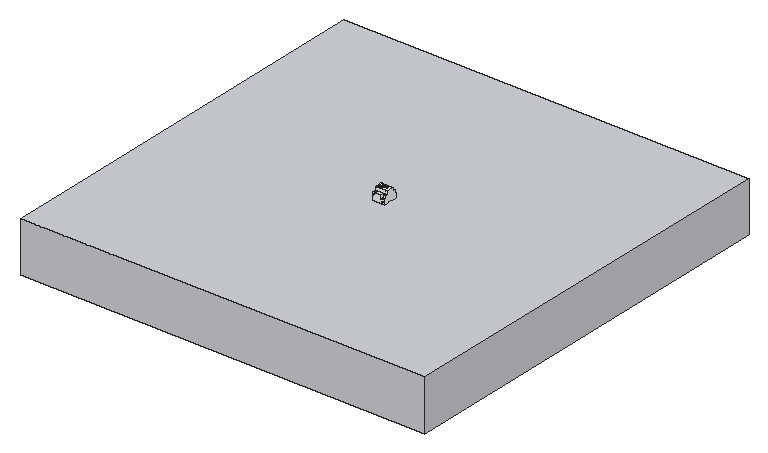
Revit family "Gira_103900", category Elektroinstallationen, Revit 2017
Family settings
  Basisbauteil = Fläche
  Beschriftungsausrichtung beibehalten = Nein
  Bemaßung runder Anschluss = Durchmesser verwenden
  Teiletyp = Normal
  Beim Laden mit Abzugskörper schneiden = Nein
  Gemeinsam genutzt = Nein
  Raumberechnungspunkt = Nein
Parameters (values of type "Jal.aktor 4f AC 230 V Hand KNX REG")
  Zusammenstellung = ""
  Zulassung nach PTB = no
  Default Elevation = 1219.2 mm
  Vor Ort-/Handbedienung = yes
  Verschiedene Phasen anschließbar = no
  Ventilschutzfunktion = no
  URL = "https://www.gira.de/"
  Typname = "Jal.aktor 4f AC 230 V Hand KNX REG"
  Type Comments = ""
  Tarifumschaltung = no
  Stromart = "AC/DC"
  Stellgröße stetig = no
  Stellgröße schaltend = no
  Schutzart (IP) = "IP20"
  Schaltstrom ohmsch = 0 A
  S0 Impulsschnittstelle = ""
  Produktseite = "https://media.stage.bim.site/t/eyJhbGciOiJIUzI1NiIsInR5cCI6IkpXVCJ9.eyJjdCI6MiwidHUiOiJodHRwOi8va2F0YWxvZy5naXJhLmRlL2RlX0RFL2RhdGVuYmxhdHQuaHRtbD9hcnRpa2VsbnI9MTAzOTAwIiwiY2lkIjoiMzI3N2NjMjMtODFhOS00ZWUzLWE5MGEtYjQ3YmI0YzBiNjE2IiwicmlkIjoiM2U2NDMwMmJkNjFiNDZhNDU3ZmFiYTFiYWNlYTY1MTgiLCJwaWQiOiI1NzMxYTMwMDNiZmM1ZTIyZWQ5ZTczZTc1MDEzNTI2N2VmZTg1Mjk3Iiwic2lkIjoiNjM0NzAiLCJ1dCI6MSwibGMiOiJkZSIsImlhdCI6MTYwMDkzNzg2MSwiaXNzIjoiaHR0cHM6Ly9hcGkubGl2ZS5iaW0uc2l0ZSIsInN1YiI6ImFkbWluQGJpbXNpdGUuZGV2In0.wZe4oxPl8jj6PjXrxOw6O30nLBuaeVHSaZcWONsWniI"
  Montageart = "REG"
  Modulare Erweiterungsmöglichkeit = no
  Model = ""
  Mit LED-Anzeige = no
  Mit Busankopplung = no
  Max. Schaltstrom = 0 A
  Max. Schaltleistung [Voltampere] = 0
  Max. Ausgangsstrom = 0 A
  Max. Anzahl der Schaltausgänge = 0
  Max. Anzahl der Jalousieausgänge = 4
  LED ansteuern = no
  Kosten = 0
  Hersteller = "Gira"
  HeinzeBIM = "https://www.heinze.de/bim/jal-aktor-4f-ac-230-v-hand-knx-reg/5731a3003bfc5e22ed9e73e750135267efe85297"
  Handschaltung = no
  HAN = "103900"
  Geeignet für C-Last = no
  GTIN = "4010337042211"
  Funktion Schalten = no
  Datenblatt 1 = "https://media.stage.bim.site/t/eyJhbGciOiJIUzI1NiIsInR5cCI6IkpXVCJ9.eyJjdCI6MSwidGYiOiJwdWJsaWMvZ2lyYS9hZThjNTU3LzEwMzkwMC50eHQiLCJjaWQiOiIzMjc3Y2MyMy04MWE5LTRlZTMtYTkwYS1iNDdiYjRjMGI2MTYiLCJyaWQiOiIzZTY0MzAyYmQ2MWI0NmE0NTdmYWJhMWJhY2VhNjUxOCIsInBpZCI6IjU3MzFhMzAwM2JmYzVlMjJlZDllNzNlNzUwMTM1MjY3ZWZlODUyOTciLCJzaWQiOiI2MzQ3MCIsInV0IjoxLCJsYyI6ImRlIiwiaWF0IjoxNjAwOTM3ODYxLCJpc3MiOiJodHRwczovL2FwaS5saXZlLmJpbS5zaXRlIiwic3ViIjoiYWRtaW5AYmltc2l0ZS5kZXYifQ.x5g7k9LnwwLqkFmW1-HLq8FTR9u9i464ce2KAfjPBr4/103900.txt"
  Datenblatt = "https://media.stage.bim.site/t/eyJhbGciOiJIUzI1NiIsInR5cCI6IkpXVCJ9.eyJjdCI6MSwidHUiOiJodHRwczovL2thdGFsb2cuZ2lyYS5kZS9kZV9ERS9kb3dubG9hZC5odG1sP2FydGlrZWxucj0xMDM5MDAiLCJjaWQiOiIzMjc3Y2MyMy04MWE5LTRlZTMtYTkwYS1iNDdiYjRjMGI2MTYiLCJyaWQiOiIzZTY0MzAyYmQ2MWI0NmE0NTdmYWJhMWJhY2VhNjUxOCIsInBpZCI6IjU3MzFhMzAwM2JmYzVlMjJlZDllNzNlNzUwMTM1MjY3ZWZlODUyOTciLCJzaWQiOiI2MzQ3MCIsInV0IjoxLCJsYyI6ImRlIiwiaWF0IjoxNjAwOTM3ODYxLCJpc3MiOiJodHRwczovL2FwaS5saXZlLmJpbS5zaXRlIiwic3ViIjoiYWRtaW5AYmltc2l0ZS5kZXYifQ.RrTjNva1PZAz1b9BJaOuwr8BSNqeilO-qcZvFHLAj84"
  Bussystem Powernet = no
  Bussystem LON = no
  Bussystem KNX-Funk = no
  Bussystem KNX = yes
  Bussystem Funkbus = no
  Busspannung pufferbar = no
  Busfähig = ""
  Breite in Teilungseinheiten = 4
  Blindleistung = no
  Beschreibung = "KNX Jalousieaktor 4fach AC 230 V   DC 12 - 48 V mit Handbetätigung  REG plus Jalousieaktoren mit integrierter Busankopplung, Handbetätigung und Statusanzeige für jeden Ausgang. Zum Ansteuern von elektrisch betriebenen Jalousien, Rollläden, Markisen, Lüftungsklappen oder ähnlichen Behängen.  Merkmale:  Behangposition direkt ansteuerbar.  Lamellenstellung direkt ansteuerbar.  Verhalten bei Busspannungsausfall und -wiederkehr einstellbar.  Separat parametrierbare Fahrzeiten mit Fahrzeitverlängerung für Fahrten in die obere Endlage.  Zentrale Ansteuerung aller Jalousieausgänge möglich.  Rückmeldung der Behangposition oder der Lamellenposition.  Rückmeldungen lassen sich nach Busspannungswiederkehr verzögern.  Zuordnungen auf bis zu fünf verschiedene Sicherheitsfunktionen (drei Windalarme, ein Regenalarm, ein Frostalarm), wahlweise mit zyklischer Überwachung.  Zwangsstellungsfunktion für jeden Jalousieausgang realisierbar.  Einbeziehung in Szenen möglich, max. acht interne Szenen je Kanal sind parametrierbar.  Speicherfunktion für Lichtszenen.  Sonnenschutzfunktion mit festen und variablen Behang- oder Lamellenpositionen aktivierbar.  Erweiterter Sonnenschutz mit umfangreichen Steuerfunktionen.  Einbindung in Temperatur-Management des Gebäudes möglich.  Sperren einzelner Ausgänge per Hand oder Bus.  Aktive oder passive (Objekt auslesbar) zyklische Rückmeldefunktionen.  Baustellenbetrieb: Ausgänge manuell bedienbar ohne Busspannung nur mit der Betriebsspannung.  Für Netzspannung AC 230 V (4 kanalig) oder Kleinspannung DC 12 bis 48 V (2-kanalig).  Anschluss verschiedener Außenleiter.  Unabhängige Ansteuerung der vier Jalousieausgänge.  Automatische Behang Fahrzeiterkennung bei AC 230 V Antrieben mit mechanischen Endlagenschaltern.  Hinweise :  Montage auf DIN-Hutschiene.  VDE-Zulassung gemäß EN 60669-1, EN 60669-2-1."
  Bemessungsstrom = 0 A
  Assembly Code = ""
  Keynote = ""
  BIMSITE_PRODUCT_ID = "5731a3003bfc5e22ed9e73e750135267efe85297"
  BIM = "https://media.stage.bim.site/t/eyJhbGciOiJIUzI1NiIsInR5cCI6IkpXVCJ9.eyJjdCI6MSwidGYiOiJwdWJsaWMvZ2lyYS9hZThjNTU3L1JFRyA4Zi5yZmEiLCJjaWQiOiIzMjc3Y2MyMy04MWE5LTRlZTMtYTkwYS1iNDdiYjRjMGI2MTYiLCJyaWQiOiIzZTY0MzAyYmQ2MWI0NmE0NTdmYWJhMWJhY2VhNjUxOCIsInBpZCI6IjU3MzFhMzAwM2JmYzVlMjJlZDllNzNlNzUwMTM1MjY3ZWZlODUyOTciLCJzaWQiOiI2MzQ3MCIsInV0Ijo1LCJsYyI6ImRlIiwiaWF0IjoxNjAwOTM3ODYxLCJpc3MiOiJodHRwczovL2FwaS5saXZlLmJpbS5zaXRlIiwic3ViIjoiYWRtaW5AYmltc2l0ZS5kZXYifQ.WUTpHAJWxyqSgzezSTkpzftQG0LDRu9EtbmU4vRWfe4/REG 8f.rfa"
  Ausgangsstrom [Ampere] = ""
  Ausgangsspannung [Volt] = ""
  Ausführung Text = ""
  Art der Spannungsversorgung = ""
  Anzahl der binären Eingänge = 0
  Anzahl der Eingänge = 1
  Anzahl der Ausgänge = 0
  Anschlussart = ""
  Andere Bussysteme = "ohne"
Reference planes
  plane 1 "Center (Front/Back)": y = 0
  plane 2: z = 0
  plane 3 "Center (Left/Right)": x = 0
Forms (mm)
  Extrusion 1, solid
    sketch origin (0, 0, 0) x (1, 0, 0) y (0, 1, 0)
      loop
        line (-1219.2, 1219.2) -> (-1219.2, -1219.2) -> (1219.2, -1219.2) -> (1219.2, 1219.2) -> (-1219.2, 1219.2)
    from 0 to -304.8
  Extrusion 2, solid, material "White", detail levels fine
    sketch origin (0, 0, 0) x (0, 1, 0) y (0, 0, 1)
      loop
        line (45.125, -2.619) -> (45.125, 24.95) -> (33.875, 24.95) -> (33.875, 43.8) -> (22.575, 43.8) -> (22.575, 62.05)
        arc (22.575, 62.05) -> (22.311, 62.686) -> (21.675, 62.95) r 0.9
        line (21.675, 62.95) -> (-21.175, 62.95)
        arc (-21.175, 62.95) -> (-21.785, 62.758) -> (-22.175, 62.25) r 1.064
        line (-22.175, 62.25) -> (-22.175, 43.8) -> (-44.725, 43.8) -> (-44.725, -2.619)
        arc (-44.725, -2.619) -> (-31.081, -5.433) -> (-17.243, -7.049) r 160
        line (-17.243, -7.049) -> (-13.165, -1.734) -> (-16.399, -0.807) -> (-16.399, 0) -> (17.8, 0) -> (17.8, -1.4) -> (16.8, -1.4) -> (14.749, -4.952)
        arc (14.749, -4.952) -> (18.64, -6.184) -> (22.7, -6.6) r 20
        arc (22.7, -6.6) -> (33.983, -5.009) -> (45.125, -2.619) r 160
    from -36 to 36
  Extrusion 3, void, detail levels fine
    sketch origin (0, 0, 0) x (1, 0, 0) y (0, 1, 0)
      loop
        circle (30, 26.925) r 2.55
      loop
        circle (21.75, 26.925) r 2.55
      loop
        circle (12.75, 26.925) r 2.55
      loop
        circle (4.5, 26.925) r 2.55
      loop
        circle (-4.5, 26.925) r 2.55
      loop
        circle (-12.75, 26.925) r 2.55
      loop
        circle (-21.75, 26.925) r 2.55
      loop
        circle (-30, 26.925) r 2.55
    from 37.936 to 43.8
  Extrusion 4, void, detail levels fine
    sketch origin (0, 11.25, -18.85) x (1, 0, 0) y (0, 1, 0)
      loop
        circle (30, 26.925) r 2.55
      loop
        circle (21.75, 26.925) r 2.55
      loop
        circle (12.75, 26.925) r 2.55
      loop
        circle (4.5, 26.925) r 2.55
      loop
        circle (-4.5, 26.925) r 2.55
      loop
        circle (-12.75, 26.925) r 2.55
      loop
        circle (-21.75, 26.925) r 2.55
      loop
        circle (-30, 26.925) r 2.55
    from 37.936 to 43.8
  Extrusion 5, void, detail levels fine
    sketch origin (0, 0, 0) x (1, 0, 0) y (0, 1, 0)
      loop
        circle (-13, -3.875) r 3
      loop
        circle (-23, -3.875) r 3
      loop
        circle (-23, -13.875) r 3
      loop
        circle (-13, -13.875) r 3
      loop
        circle (-29, -3.875) r 1.575
      loop
        circle (-29, -13.875) r 1.575
      loop
        circle (-7, -13.875) r 1.575
      loop
        circle (-15.4, 5.325) r 1.625
      loop
        circle (-11, 5.325) r 1.575
      loop
        circle (-6.6, 5.325) r 1.625
      loop
        circle (-2.2, 5.325) r 1.625
      loop
        circle (2.2, 5.325) r 1.625
      loop
        circle (6.6, 5.325) r 1.625
      loop
        circle (11, 5.325) r 1.575
      loop
        circle (15.4, 5.325) r 1.625
    from 58.253 to 62.95
  Extrusion 6, void, detail levels fine
    sketch origin (0, 0, 0) x (1, 0, 0) y (0, 1, 0)
      loop
        line (-32.175, -32.6) -> (-32.175, -34.9) -> (-31.24, -34.36) -> (-31.401, -37.165) -> (-32.175, -36.7) -> (-32.175, -44.875) -> (-20.175, -44.875) -> (-20.175, -37.33) -> (-19.075, -37.965) -> (-19.075, -33.635) -> (-20.175, -34.27) -> (-20.175, -32.6) -> (-32.175, -32.6)
    from 28.5 to 43.8
  Extrusion 7, solid, detail levels fine
    sketch origin (0, 0, 0) x (1, 0, 0) y (0, 1, 0)
      loop
        circle (-29.375, -36.2) r 0.5
      loop
        circle (-23.575, -36.2) r 0.5
    from 28.5 to 37.5
  Extrusion 8, void, detail levels fine
    sketch origin (0, 0, 0) x (1, 0, 0) y (0, 1, 0)
      loop
        line (15.289, -31.489) -> (15.289, -44.875) -> (36, -44.875) -> (36, -31.489) -> (15.289, -31.489)
    from 25 to 43.8
  Extrusion 9, void, detail levels fine
    sketch origin (0, 0, 0) x (1, 0, 0) y (0, 1, 0)
      loop
        circle (21.75, -37.925) r 2.55
      loop
        circle (30, -37.925) r 2.55
    from 19.086 to 24.95
  Extrusion 10, void, detail levels fine
    sketch origin (0, 0, 0) x (1, 0, 0) y (0, 0, 1)
      loop
        line (32.368, 26.75) -> (32.35, 28.865) -> (32.319, 32.45) -> (27.731, 32.45) -> (27.682, 26.75) -> (32.368, 26.75)
      loop
        line (24.118, 26.75) -> (24.1, 28.865) -> (24.069, 32.45) -> (19.481, 32.45) -> (19.432, 26.75) -> (24.118, 26.75)
      loop
        line (15.118, 26.75) -> (15.1, 28.865) -> (15.069, 32.45) -> (10.481, 32.45) -> (10.432, 26.75) -> (15.118, 26.75)
      loop
        line (6.868, 26.75) -> (6.85, 28.865) -> (6.819, 32.45) -> (2.231, 32.45) -> (2.182, 26.75) -> (6.868, 26.75)
      loop
        line (-2.182, 26.75) -> (-2.2, 28.865) -> (-2.231, 32.45) -> (-6.819, 32.45) -> (-6.868, 26.75) -> (-2.182, 26.75)
      loop
        line (-10.432, 26.75) -> (-10.45, 28.865) -> (-10.481, 32.45) -> (-15.069, 32.45) -> (-15.118, 26.75) -> (-10.432, 26.75)
      loop
        line (-19.35, 26.75) -> (-19.369, 28.865) -> (-19.4, 32.45) -> (-23.987, 32.45) -> (-24.037, 26.75) -> (-19.35, 26.75)
      loop
        line (-27.682, 26.75) -> (-27.7, 28.865) -> (-27.731, 32.45) -> (-32.319, 32.45) -> (-32.368, 26.75) -> (-27.682, 26.75)
    from -29.206 to -33.875
  Extrusion 11, void, detail levels fine
    sketch origin (0, 11.25, -19.567) x (1, 0, 0) y (0, 0, 1)
      loop
        line (32.368, 26.75) -> (32.35, 28.865) -> (32.319, 32.45) -> (27.731, 32.45) -> (27.682, 26.75) -> (32.368, 26.75)
      loop
        line (24.118, 26.75) -> (24.1, 28.865) -> (24.069, 32.45) -> (19.481, 32.45) -> (19.432, 26.75) -> (24.118, 26.75)
      loop
        line (15.118, 26.75) -> (15.1, 28.865) -> (15.069, 32.45) -> (10.481, 32.45) -> (10.432, 26.75) -> (15.118, 26.75)
      loop
        line (6.868, 26.75) -> (6.85, 28.865) -> (6.819, 32.45) -> (2.231, 32.45) -> (2.182, 26.75) -> (6.868, 26.75)
      loop
        line (-2.182, 26.75) -> (-2.2, 28.865) -> (-2.231, 32.45) -> (-6.819, 32.45) -> (-6.868, 26.75) -> (-2.182, 26.75)
      loop
        line (-10.432, 26.75) -> (-10.45, 28.865) -> (-10.481, 32.45) -> (-15.069, 32.45) -> (-15.118, 26.75) -> (-10.432, 26.75)
      loop
        line (-19.35, 26.75) -> (-19.369, 28.865) -> (-19.4, 32.45) -> (-23.987, 32.45) -> (-24.037, 26.75) -> (-19.35, 26.75)
      loop
        line (-27.682, 26.75) -> (-27.7, 28.865) -> (-27.731, 32.45) -> (-32.319, 32.45) -> (-32.368, 26.75) -> (-27.682, 26.75)
    from -29.206 to -33.875
  Extrusion 12, void, detail levels fine
    sketch origin (0, 0, 0) x (1, 0, 0) y (0, 0, 1)
      loop
        line (32.319, 12.883) -> (27.731, 12.883) -> (27.682, 7.183) -> (32.368, 7.183) -> (32.35, 9.298) -> (32.319, 12.883)
      loop
        line (24.069, 12.883) -> (19.481, 12.883) -> (19.432, 7.183) -> (24.118, 7.183) -> (24.1, 9.298) -> (24.069, 12.883)
    from 40.588 to 44.725
  Extrusion 13, solid, material "White", detail levels fine
    sketch origin (0, 0, 0) x (1, 0, 0) y (0, 1, 0)
      loop
        circle (-15.4, 5.325) r 1.625
      loop
        circle (-11, 5.325) r 1.575
      loop
        circle (-6.6, 5.325) r 1.625
      loop
        circle (-2.2, 5.325) r 1.625
      loop
        circle (2.2, 5.325) r 1.625
      loop
        circle (6.6, 5.325) r 1.625
      loop
        circle (11, 5.325) r 1.575
      loop
        circle (15.4, 5.325) r 1.625
      loop
        circle (-29, -3.875) r 1.575
      loop
        circle (-29, -13.875) r 1.575
      loop
        circle (-7, -13.875) r 1.575
    from 58.253 to 62.25
  Extrusion 14, solid, material "White", detail levels fine
    sketch origin (0, 0, 0) x (1, 0, 0) y (0, 1, 0)
      loop
        circle (-23, -3.875) r 3
      loop
        circle (-13, -3.875) r 3
      loop
        circle (-23, -13.875) r 3
      loop
        circle (-13, -13.875) r 3
    from 58.253 to 63.841
  Extrusion 15, solid, material "White", detail levels medium
    sketch origin (0, 0, 0) x (0, 1, 0) y (0, 0, 1)
      loop
        line (45.125, -7.049) -> (45.125, 24.95) -> (33.875, 24.95) -> (33.875, 43.8) -> (22.575, 43.8) -> (22.575, 63.841) -> (-22.175, 63.841) -> (-22.175, 43.8) -> (-44.725, 43.8) -> (-44.725, -7.049) -> (45.125, -7.049)
    from -36 to 36
  Extrusion 16, solid, material "White", detail levels coarse
    sketch origin (0, 0, 0) x (0, 1, 0) y (0, 0, 1)
      loop
        line (45.125, -7.049) -> (45.125, 63.841) -> (-44.725, 63.841) -> (-44.725, -7.049) -> (45.125, -7.049)
    from -36 to 36
Cuts and joins
  Extrusion 3, Extrusion 4, Extrusion 5, Extrusion 6, Extrusion 8, Extrusion 9, Extrusion 10, Extrusion 11, Extrusion 12 cuts Extrusion 2
Dimensions and locks
  aligned and locked: plane 2 to Extrusion 1
  aligned and locked: level to Extrusion 1
